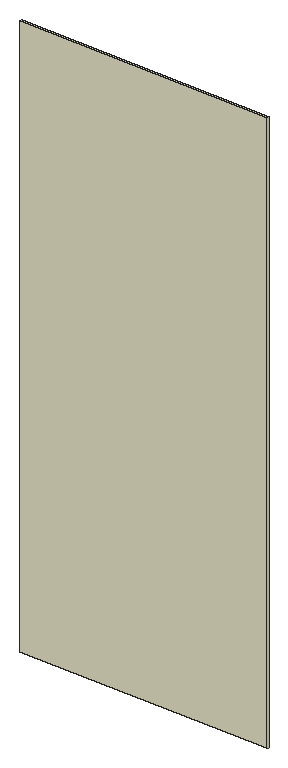
Revit family "CLAD (Smooth) Honeycomb", category Generic Models, Revit 2017 (continued)
Lines and regions (mm)
  model lines, style "easycraft expressions pattern"
    curve 728: line (129.302, -9.5, 0.004) -> (170.863, -9.5, 61.815)
    curve 729: line (170.862, -9.5, 61.814) -> (129.302, -9.5, 123.625)
    curve 730: line (129.302, -9.5, 123.625) -> (170.862, -9.5, 185.436)
    curve 731: line (170.862, -9.5, 185.436) -> (129.302, -9.5, 247.248)
    curve 732: line (129.302, -9.5, 247.248) -> (170.862, -9.5, 309.058)
    curve 733: line (170.862, -9.5, 309.058) -> (129.302, -9.5, 370.87)
    curve 734: line (129.302, -9.5, 370.87) -> (170.862, -9.5, 432.681)
    curve 735: line (170.862, -9.5, 432.681) -> (129.302, -9.5, 494.492)
    curve 736: line (129.302, -9.5, 494.492) -> (170.862, -9.5, 556.303)
    curve 737: line (170.862, -9.5, 556.303) -> (129.302, -9.5, 618.114)
    curve 738: line (129.302, -9.5, 618.114) -> (170.863, -9.5, 679.926)
    curve 739: line (170.862, -9.5, 679.925) -> (129.302, -9.5, 741.736)
    curve 740: line (129.302, -9.5, 741.736) -> (170.862, -9.5, 803.547)
    curve 741: line (170.862, -9.5, 803.547) -> (129.302, -9.5, 865.359)
    curve 742: line (129.302, -9.5, 865.359) -> (170.862, -9.5, 927.169)
    curve 743: line (170.861, -9.5, 927.171) -> (129.302, -9.5, 988.981)
    curve 744: line (129.302, -9.5, 988.981) -> (170.863, -9.5, 1050.793)
    curve 745: line (170.862, -9.5, 1050.792) -> (129.302, -9.5, 1112.603)
    curve 746: line (129.302, -9.5, 1112.603) -> (170.862, -9.5, 1174.414)
    curve 747: line (170.861, -9.5, 1174.415) -> (129.302, -9.5, 1236.225)
    curve 748: line (129.302, -9.5, 1236.225) -> (170.862, -9.5, 1298.036)
    curve 749: line (170.862, -9.5, 1298.036) -> (129.302, -9.5, 1359.847)
    curve 750: line (129.302, -9.5, 1359.847) -> (170.862, -9.5, 1421.658)
    curve 751: line (170.862, -9.5, 1421.658) -> (129.302, -9.5, 1483.47)
    curve 752: line (129.302, -9.5, 1483.47) -> (170.862, -9.5, 1545.28)
    curve 753: line (170.861, -9.5, 1545.282) -> (129.302, -9.5, 1607.092)
    curve 754: line (129.302, -9.5, 1607.092) -> (170.862, -9.5, 1668.903)
    curve 755: line (170.861, -9.5, 1668.904) -> (129.302, -9.5, 1730.714)
    curve 756: line (129.302, -9.5, 1730.714) -> (170.863, -9.5, 1792.526)
    curve 757: line (170.862, -9.5, 1792.525) -> (129.302, -9.5, 1854.336)
    curve 758: line (129.302, -9.5, 1854.336) -> (170.862, -9.5, 1916.146)
    curve 759: line (170.86, -9.5, 1916.148) -> (129.302, -9.5, 1977.958)
    curve 760: line (129.302, -9.5, 1977.958) -> (170.863, -9.5, 2039.77)
    curve 761: line (170.862, -9.5, 2039.768) -> (129.302, -9.5, 2101.58)
    curve 762: line (129.302, -9.5, 2101.58) -> (170.862, -9.5, 2163.391)
    curve 763: line (170.862, -9.5, 2163.391) -> (129.302, -9.5, 2225.202)
    curve 764: line (129.302, -9.5, 2225.202) -> (170.862, -9.5, 2287.013)
    curve 765: line (170.861, -9.5, 2287.014) -> (129.302, -9.5, 2348.824)
    curve 766: line (129.302, -9.5, 2348.824) -> (170.862, -9.5, 2410.646)
    curve 767: line (170.862, -9.5, 2410.646) -> (229.294, -9.5, 2410.646)
    curve 768: line (129.302, -9.5, 2348.824) -> (70.868, -9.5, 2348.826)
    curve 769: line (129.301, -9.5, 2225.203) -> (70.868, -9.5, 2225.204)
    curve 770: line (129.301, -9.5, 2101.581) -> (70.868, -9.5, 2101.582)
    curve 771: line (129.301, -9.5, 1977.958) -> (70.868, -9.5, 1977.96)
    curve 772: line (129.302, -9.5, 1854.336) -> (70.868, -9.5, 1854.337)
    curve 773: line (129.302, -9.5, 1730.714) -> (70.868, -9.5, 1730.715)
    curve 774: line (129.302, -9.5, 1607.092) -> (70.868, -9.5, 1607.093)
    curve 775: line (129.302, -9.5, 1483.47) -> (70.868, -9.5, 1483.471)
    curve 776: line (129.302, -9.5, 1359.847) -> (70.868, -9.5, 1359.849)
    curve 777: line (129.302, -9.5, 1236.225) -> (70.868, -9.5, 1236.226)
    curve 778: line (129.302, -9.5, 1112.603) -> (70.868, -9.5, 1112.604)
    curve 779: line (129.302, -9.5, 988.981) -> (70.868, -9.5, 988.982)
    curve 780: line (129.301, -9.5, 865.358) -> (70.869, -9.5, 865.359)
    curve 781: line (129.302, -9.5, 741.736) -> (70.868, -9.5, 741.738)
    curve 782: line (129.302, -9.5, 618.114) -> (70.868, -9.5, 618.115)
    curve 783: line (129.301, -9.5, 494.491) -> (70.869, -9.5, 494.493)
    curve 784: line (129.302, -9.5, 370.87) -> (70.868, -9.5, 370.871)
    curve 785: line (129.302, -9.5, 247.248) -> (70.868, -9.5, 247.249)
    curve 786: line (129.302, -9.5, 123.625) -> (70.868, -9.5, 123.627)
    curve 787: line (29.31, -9.5, 2657.88) -> (0.063, -9.5, 2657.881)
    curve 788: line (29.31, -9.5, 2534.258) -> (0.063, -9.5, 2534.259)
    curve 789: line (29.31, -9.5, 2410.636) -> (0.063, -9.5, 2410.636)
    curve 790: line (29.31, -9.5, 2287.014) -> (0.063, -9.5, 2287.014)
    curve 791: line (29.31, -9.5, 2163.392) -> (0.063, -9.5, 2163.393)
    curve 792: line (29.31, -9.5, 2039.77) -> (0.063, -9.5, 2039.77)
    curve 793: line (29.31, -9.5, 1916.148) -> (0.063, -9.5, 1916.148)
    curve 794: line (29.31, -9.5, 1792.525) -> (0.063, -9.5, 1792.526)
    curve 795: line (29.31, -9.5, 1668.903) -> (0.063, -9.5, 1668.904)
    curve 796: line (29.31, -9.5, 1545.281) -> (0.063, -9.5, 1545.282)
    curve 797: line (29.31, -9.5, 1421.659) -> (0.063, -9.5, 1421.659)
    curve 798: line (29.31, -9.5, 1298.037) -> (0.063, -9.5, 1298.037)
    curve 799: line (29.31, -9.5, 1174.414) -> (0.063, -9.5, 1174.415)
    curve 800: line (29.31, -9.5, 1050.792) -> (0.063, -9.5, 1050.793)
    curve 801: line (29.31, -9.5, 927.17) -> (0.063, -9.5, 927.171)
    curve 802: line (29.309, -9.5, 803.547) -> (0.063, -9.5, 803.548)
    curve 803: line (29.31, -9.5, 679.926) -> (0.063, -9.5, 679.926)
    curve 804: line (29.31, -9.5, 556.303) -> (0.063, -9.5, 556.304)
    curve 805: line (29.309, -9.5, 432.681) -> (0.063, -9.5, 432.681)
    curve 806: line (29.31, -9.5, 309.059) -> (0.063, -9.5, 309.06)
    curve 807: line (29.31, -9.5, 185.437) -> (0.063, -9.5, 185.437)
    curve 808: line (29.309, -9.5, 61.815) -> (0.063, -9.5, 61.815)
    curve 809: line (1129.224, -9.5, 2719.688) -> (1070.792, -9.5, 2719.689)
    curve 810: line (1070.792, -9.5, 2719.688) -> (1053.773, -9.5, 2745)
    curve 811: line (1146.243, -9.5, 2745) -> (1129.224, -9.5, 2719.688)
    curve 812: line (946.259, -9.5, 2745) -> (929.241, -9.5, 2719.688)
    curve 813: line (853.789, -9.5, 2745) -> (870.806, -9.5, 2719.69)
    curve 814: line (929.241, -9.5, 2719.688) -> (870.806, -9.5, 2719.69)
    curve 815: line (746.274, -9.5, 2745) -> (729.256, -9.5, 2719.689)
    curve 816: line (653.805, -9.5, 2745) -> (670.822, -9.5, 2719.69)
    curve 817: line (729.256, -9.5, 2719.689) -> (670.822, -9.5, 2719.69)
    curve 818: line (546.289, -9.5, 2745) -> (529.272, -9.5, 2719.69)
    curve 819: line (453.821, -9.5, 2745) -> (470.837, -9.5, 2719.691)
    curve 820: line (529.272, -9.5, 2719.69) -> (470.837, -9.5, 2719.691)
    curve 821: line (346.304, -9.5, 2745) -> (329.287, -9.5, 2719.69)
    curve 822: line (253.836, -9.5, 2745) -> (270.853, -9.5, 2719.692)
    curve 823: line (329.287, -9.5, 2719.69) -> (270.853, -9.5, 2719.692)
    curve 824: line (146.319, -9.5, 2745) -> (129.302, -9.5, 2719.691)
    curve 825: line (53.852, -9.5, 2745) -> (70.868, -9.5, 2719.692)
    curve 826: line (129.302, -9.5, 2719.691) -> (70.868, -9.5, 2719.692)
Dimensions and locks
  "Panel_thickness": plane 4 "Panel face" to plane 1 "Center (Front/Back)"
  "Panel_height": plane 5 "Panel_top" to plane 2
  "Panel_width": Extrusion 1 to Extrusion 1
  aligned and locked: level to plane 2
  aligned and locked: Extrusion 1 to level
  aligned and locked: plane 4 "Panel face" to Extrusion 1
  aligned and locked: Extrusion 1 to plane 5 "Panel_top"
Automatic sketch dimensions
  plane 1 "Center (Front/Back)" to Extrusion 1 sketch curve = 0 mm
  Extrusion 1 sketch curve to plane 3 "Center (Left/Right)" = 0 mm
  plane 4 "Panel face" to Extrusion 1 sketch curve = 0 mm
  Extrusion 1 sketch curve to Extrusion 1 sketch curve = 1200 mm
  curve 825 to plane 5 "Panel_top" = 0 mm
  curve 824 to plane 5 "Panel_top" = 0 mm
  curve 822 to plane 5 "Panel_top" = 0 mm
  curve 821 to plane 5 "Panel_top" = 0 mm
  curve 819 to plane 5 "Panel_top" = 0 mm
  curve 818 to plane 5 "Panel_top" = 0 mm
  curve 816 to plane 5 "Panel_top" = 0 mm
  curve 815 to plane 5 "Panel_top" = 0 mm
  curve 813 to plane 5 "Panel_top" = 0 mm
  curve 812 to plane 5 "Panel_top" = 0 mm
  curve 810 to plane 5 "Panel_top" = 0 mm
  curve 90 to level = 0 mm
  curve 811 to plane 5 "Panel_top" = 0 mm
  plane 3 "Center (Left/Right)" to curve 726 = 29.309 mm
  plane 3 "Center (Left/Right)" to curve 714 = 29.309 mm
  plane 3 "Center (Left/Right)" to curve 805 = 29.309 mm
  plane 3 "Center (Left/Right)" to curve 803 = 29.31 mm
  plane 3 "Center (Left/Right)" to curve 804 = 29.31 mm
  plane 3 "Center (Left/Right)" to curve 806 = 29.31 mm
  plane 3 "Center (Left/Right)" to curve 807 = 29.31 mm
  plane 3 "Center (Left/Right)" to curve 801 = 29.31 mm
  plane 3 "Center (Left/Right)" to curve 800 = 29.31 mm
  plane 3 "Center (Left/Right)" to curve 799 = 29.31 mm
  plane 3 "Center (Left/Right)" to curve 691 = 29.31 mm
  plane 3 "Center (Left/Right)" to curve 798 = 29.31 mm
  plane 3 "Center (Left/Right)" to curve 797 = 29.31 mm
  plane 3 "Center (Left/Right)" to curve 796 = 29.31 mm
  plane 3 "Center (Left/Right)" to curve 689 = 29.31 mm
  plane 3 "Center (Left/Right)" to curve 795 = 29.31 mm
  plane 3 "Center (Left/Right)" to curve 794 = 29.31 mm
  plane 3 "Center (Left/Right)" to curve 793 = 29.31 mm
  plane 3 "Center (Left/Right)" to curve 685 = 29.31 mm
  plane 3 "Center (Left/Right)" to curve 683 = 29.31 mm
  plane 3 "Center (Left/Right)" to curve 694 = 29.31 mm
  plane 3 "Center (Left/Right)" to curve 791 = 29.31 mm
  plane 3 "Center (Left/Right)" to curve 693 = 70.868 mm
  plane 3 "Center (Left/Right)" to curve 695 = 70.868 mm
  plane 3 "Center (Left/Right)" to curve 691 = 70.868 mm
  plane 3 "Center (Left/Right)" to curve 779 = 70.868 mm
  plane 3 "Center (Left/Right)" to curve 699 = 70.868 mm
  plane 3 "Center (Left/Right)" to curve 705 = 70.868 mm
  plane 3 "Center (Left/Right)" to curve 768 = 70.868 mm
  plane 3 "Center (Left/Right)" to curve 703 = 70.868 mm
  plane 3 "Center (Left/Right)" to curve 781 = 70.868 mm
  plane 3 "Center (Left/Right)" to curve 707 = 70.868 mm
  plane 3 "Center (Left/Right)" to curve 782 = 70.868 mm
  plane 3 "Center (Left/Right)" to curve 772 = 70.868 mm
  plane 3 "Center (Left/Right)" to curve 709 = 70.868 mm
  plane 3 "Center (Left/Right)" to curve 784 = 70.868 mm
  plane 5 "Panel_top" to curve 825 = 25.308 mm
  plane 3 "Center (Left/Right)" to curve 825 = 70.868 mm
  plane 3 "Center (Left/Right)" to curve 786 = 70.868 mm
  plane 3 "Center (Left/Right)" to curve 683 = 70.868 mm
  plane 3 "Center (Left/Right)" to curve 774 = 70.868 mm
  plane 3 "Center (Left/Right)" to curve 685 = 70.868 mm
  plane 3 "Center (Left/Right)" to curve 723 = 70.868 mm
  plane 3 "Center (Left/Right)" to curve 713 = 70.869 mm
  plane 3 "Center (Left/Right)" to curve 719 = 70.869 mm
  curve 719 to curve 736 = 58.434 mm
  plane 5 "Panel_top" to curve 824 = 25.309 mm
  curve 825 to curve 824 = 58.434 mm
  curve 683 to curve 686 = 58.434 mm
  curve 721 to curve 734 = 58.434 mm
  curve 685 to curve 687 = 58.434 mm
  curve 705 to curve 776 = 58.434 mm
  curve 723 to curve 732 = 58.434 mm
  curve 703 to curve 775 = 58.434 mm
  curve 713 to curve 741 = 58.434 mm
  curve 725 to curve 730 = 58.434 mm
  curve 717 to curve 737 = 58.434 mm
  curve 701 to curve 753 = 58.434 mm
  curve 711 to curve 743 = 58.434 mm
  curve 699 to curve 773 = 58.434 mm
  curve 697 to curve 772 = 58.434 mm
  curve 709 to curve 745 = 58.434 mm
  curve 695 to curve 759 = 58.435 mm
  curve 715 to curve 740 = 58.434 mm
  curve 707 to curve 777 = 58.434 mm
  curve 693 to curve 761 = 58.435 mm
  curve 691 to curve 763 = 58.435 mm
  curve 689 to curve 768 = 58.434 mm
  curve 759 to curve 665 = 41.558 mm
  curve 747 to curve 747 = 41.559 mm
  curve 773 to curve 667 = 41.559 mm
  curve 765 to curve 662 = 41.559 mm
  curve 743 to curve 743 = 41.559 mm
  curve 753 to curve 753 = 41.559 mm
  curve 659 to curve 767 = 41.559 mm
  curve 761 to curve 763 = 41.559 mm
  curve 739 to curve 741 = 41.559 mm
  curve 729 to curve 730 = 41.559 mm
  curve 824 to curve 656 = 41.559 mm
  curve 749 to curve 751 = 41.559 mm
  curve 659 to curve 658 = 41.559 mm
  curve 731 to curve 732 = 41.559 mm
  curve 747 to curve 749 = 41.559 mm
  curve 735 to curve 736 = 41.559 mm
  curve 735 to curve 677 = 41.56 mm
  curve 757 to curve 666 = 41.56 mm
  curve 745 to curve 672 = 41.56 mm
  curve 739 to curve 738 = 41.56 mm
  curve 729 to curve 680 = 41.56 mm
  curve 761 to curve 760 = 41.561 mm
  level to curve 596 = 61.815 mm
  curve 680 to curve 596 = 58.431 mm
  curve 672 to curve 672 = 58.431 mm
  curve 671 to curve 671 = 58.433 mm
  curve 673 to curve 673 = 58.433 mm
  curve 748 to curve 670 = 58.432 mm
  curve 750 to curve 669 = 58.432 mm
  curve 675 to curve 675 = 58.431 mm
  curve 668 to curve 668 = 58.433 mm
  curve 736 to curve 676 = 58.432 mm
  curve 667 to curve 667 = 58.433 mm
  curve 666 to curve 666 = 58.431 mm
  curve 732 to curve 678 = 58.432 mm
  curve 665 to curve 665 = 58.434 mm
  curve 730 to curve 679 = 58.432 mm
  curve 662 to curve 559 = 58.433 mm
  plane 5 "Panel_top" to curve 551 = 87.121 mm
  curve 656 to curve 551 = 58.432 mm
  curve 658 to curve 661 = 58.432 mm
  curve 766 to curve 557 = 58.432 mm
  curve 677 to curve 590 = 58.432 mm
  curve 762 to curve 561 = 58.432 mm
  curve 664 to curve 563 = 58.431 mm
  curve 740 to curve 584 = 58.432 mm
  curve 559 to curve 560 = 41.558 mm
  curve 563 to curve 640 = 41.558 mm
  curve 561 to curve 562 = 41.558 mm
  curve 575 to curve 576 = 41.559 mm
  curve 569 to curve 570 = 41.559 mm
  curve 577 to curve 578 = 41.559 mm
  curve 571 to curve 644 = 41.559 mm
  curve 573 to curve 645 = 41.559 mm
  curve 579 to curve 580 = 41.559 mm
  curve 567 to curve 642 = 41.559 mm
  curve 565 to curve 566 = 41.559 mm
  curve 583 to curve 584 = 41.559 mm
  curve 589 to curve 653 = 41.559 mm
  curve 593 to curve 655 = 41.559 mm
  curve 551 to curve 555 = 41.559 mm
  plane 5 "Panel_top" to curve 822 = 25.308 mm
  curve 551 to curve 822 = 41.559 mm
  curve 581 to curve 649 = 41.559 mm
  curve 557 to curve 556 = 41.559 mm
  curve 559 to curve 558 = 41.559 mm
  curve 587 to curve 586 = 41.559 mm
  curve 589 to curve 588 = 41.559 mm
  curve 593 to curve 592 = 41.559 mm
  curve 562 to curve 630 = 58.434 mm
  curve 588 to curve 604 = 58.433 mm
  curve 592 to curve 601 = 58.433 mm
  curve 594 to curve 655 = 58.434 mm
  curve 556 to curve 556 = 58.433 mm
  curve 552 to curve 555 = 58.434 mm
  curve 568 to curve 642 = 58.434 mm
  curve 586 to curve 606 = 58.433 mm
  curve 578 to curve 647 = 58.434 mm
  curve 590 to curve 602 = 58.434 mm
  curve 584 to curve 608 = 58.434 mm
  plane 5 "Panel_top" to curve 821 = 25.31 mm
  curve 822 to curve 821 = 58.434 mm
  curve 566 to curve 626 = 58.434 mm
  curve 582 to curve 610 = 58.434 mm
  curve 580 to curve 612 = 58.434 mm
  curve 564 to curve 628 = 58.435 mm
  curve 570 to curve 643 = 58.434 mm
  curve 572 to curve 644 = 58.434 mm
  curve 574 to curve 645 = 58.434 mm
  curve 576 to curve 616 = 58.434 mm
  curve 560 to curve 632 = 58.435 mm
  curve 558 to curve 634 = 58.433 mm
  curve 632 to curve 532 = 41.558 mm
  curve 618 to curve 539 = 41.559 mm
  curve 624 to curve 536 = 41.559 mm
  curve 602 to curve 547 = 41.559 mm
  curve 528 to curve 636 = 41.559 mm
  curve 632 to curve 634 = 41.559 mm
  curve 628 to curve 630 = 41.559 mm
  plane 5 "Panel_top" to curve 526 = 87.12 mm
  curve 821 to curve 526 = 41.559 mm
  curve 620 to curve 622 = 41.559 mm
  curve 528 to curve 527 = 41.559 mm
  curve 602 to curve 603 = 41.559 mm
  curve 604 to curve 605 = 41.559 mm
  curve 606 to curve 607 = 41.559 mm
  curve 608 to curve 609 = 41.559 mm
  curve 610 to curve 611 = 41.559 mm
  curve 612 to curve 613 = 41.559 mm
  curve 614 to curve 616 = 41.559 mm
  curve 598 to curve 549 = 41.56 mm
  curve 626 to curve 625 = 41.56 mm
  curve 600 to curve 599 = 41.56 mm
  curve 620 to curve 619 = 41.56 mm
  curve 628 to curve 534 = 41.561 mm
  level to curve 477 = 61.814 mm
  curve 549 to curve 477 = 58.431 mm
  curve 548 to curve 548 = 58.431 mm
  curve 621 to curve 537 = 58.432 mm
  curve 536 to curve 536 = 58.433 mm
  curve 615 to curve 540 = 58.432 mm
  curve 535 to curve 535 = 58.431 mm
  curve 547 to curve 547 = 58.433 mm
  curve 534 to curve 534 = 58.431 mm
  curve 538 to curve 538 = 58.431 mm
  curve 633 to curve 531 = 58.432 mm
  curve 527 to curve 530 = 58.432 mm
  curve 539 to curve 454 = 58.433 mm
  curve 613 to curve 541 = 58.432 mm
  curve 611 to curve 542 = 58.432 mm
  curve 605 to curve 545 = 58.432 mm
  curve 607 to curve 544 = 58.432 mm
  curve 635 to curve 636 = 58.432 mm
  curve 525 to curve 525 = 58.432 mm
  curve 603 to curve 471 = 58.432 mm
  curve 629 to curve 434 = 58.432 mm
  curve 532 to curve 432 = 58.434 mm
  curve 609 to curve 465 = 58.432 mm
  curve 426 to curve 427 = 41.559 mm
  curve 470 to curve 471 = 41.559 mm
  curve 439 to curve 440 = 41.559 mm
  curve 422 to curve 425 = 41.559 mm
  curve 420 to curve 424 = 41.559 mm
  curve 472 to curve 473 = 41.559 mm
  plane 5 "Panel_top" to curve 819 = 25.309 mm
  curve 420 to curve 819 = 41.559 mm
  level to curve 475 = 123.625 mm
  curve 474 to curve 475 = 41.559 mm
  curve 455 to curve 460 = 41.559 mm
  curve 468 to curve 469 = 41.559 mm
  curve 443 to curve 453 = 41.559 mm
  curve 455 to curve 454 = 41.559 mm
  curve 457 to curve 461 = 41.559 mm
  curve 464 to curve 463 = 41.559 mm
  curve 431 to curve 430 = 41.559 mm
  curve 466 to curve 465 = 41.559 mm
  curve 433 to curve 432 = 41.559 mm
  curve 468 to curve 467 = 41.559 mm
  curve 435 to curve 434 = 41.559 mm
  curve 535 to curve 436 = 41.559 mm
  curve 439 to curve 438 = 41.559 mm
  curve 443 to curve 442 = 41.559 mm
  curve 432 to curve 446 = 58.433 mm
  curve 423 to curve 397 = 58.434 mm
  plane 5 "Panel_top" to curve 820 = 25.31 mm
  curve 819 to curve 820 = 58.434 mm
  curve 475 to curve 524 = 58.434 mm
  curve 473 to curve 523 = 58.434 mm
  curve 471 to curve 522 = 58.434 mm
  plane 5 "Panel_top" to curve 396 = 148.933 mm
  curve 421 to curve 396 = 58.434 mm
  curve 467 to curve 520 = 58.433 mm
  curve 465 to curve 519 = 58.433 mm
  curve 452 to curve 499 = 58.433 mm
  curve 427 to curve 516 = 58.434 mm
  curve 436 to curve 448 = 58.433 mm
  curve 454 to curve 498 = 58.433 mm
  curve 438 to curve 449 = 58.433 mm
  curve 440 to curve 450 = 58.434 mm
  curve 442 to curve 451 = 58.433 mm
  curve 456 to curve 496 = 58.434 mm
  curve 434 to curve 510 = 58.433 mm
  curve 469 to curve 485 = 58.434 mm
  curve 461 to curve 494 = 58.433 mm
  curve 463 to curve 492 = 58.433 mm
  curve 430 to curve 514 = 58.434 mm
  curve 445 to curve 513 = 41.558 mm
  curve 509 to curve 403 = 41.558 mm
  curve 452 to curve 499 = 41.559 mm
  curve 449 to curve 505 = 41.559 mm
  curve 428 to curve 400 = 41.559 mm
  curve 461 to curve 494 = 41.559 mm
  curve 509 to curve 510 = 41.559 mm
  curve 460 to curve 496 = 41.559 mm
  curve 491 to curve 493 = 41.559 mm
  curve 397 to curve 516 = 41.559 mm
  curve 818 to curve 394 = 41.559 mm
  curve 481 to curve 483 = 41.559 mm
  plane 5 "Panel_top" to curve 396 = 210.744 mm
  curve 397 to curve 396 = 41.559 mm
  curve 487 to curve 488 = 41.559 mm
  curve 451 to curve 502 = 41.559 mm
  curve 489 to curve 490 = 41.559 mm
  curve 485 to curve 415 = 41.56 mm
  level to curve 478 = 61.814 mm
  curve 479 to curve 478 = 41.56 mm
  curve 448 to curve 506 = 41.56 mm
  curve 487 to curve 486 = 41.56 mm
  level to curve 480 = 185.436 mm
  curve 481 to curve 480 = 41.56 mm
  curve 451 to curve 500 = 41.56 mm
  curve 418 to curve 418 = 58.431 mm
  curve 488 to curve 413 = 58.432 mm
  curve 482 to curve 416 = 58.432 mm
  curve 417 to curve 417 = 58.431 mm
  curve 404 to curve 404 = 58.431 mm
  curve 400 to curve 400 = 58.433 mm
  curve 396 to curve 399 = 58.432 mm
  curve 394 to curve 394 = 58.432 mm
  curve 492 to curve 411 = 58.432 mm
  curve 403 to curve 403 = 58.434 mm
  curve 516 to curve 329 = 58.432 mm
  curve 401 to curve 333 = 58.434 mm
  curve 510 to curve 335 = 58.432 mm
  curve 405 to curve 405 = 58.433 mm
  curve 494 to curve 410 = 58.432 mm
  curve 502 to curve 406 = 58.432 mm
  curve 414 to curve 414 = 58.431 mm
  curve 496 to curve 409 = 58.432 mm
  curve 415 to curve 362 = 58.432 mm
  curve 407 to curve 345 = 58.431 mm
  curve 490 to curve 356 = 58.432 mm
  curve 408 to curve 408 = 58.433 mm
  curve 333 to curve 377 = 41.558 mm
  curve 335 to curve 378 = 41.558 mm
  plane 5 "Panel_top" to curve 324 = 148.932 mm
  curve 323 to curve 324 = 41.559 mm
  curve 349 to curve 350 = 41.559 mm
  curve 347 to curve 348 = 41.559 mm
  curve 345 to curve 346 = 41.559 mm
  plane 5 "Panel_top" to curve 326 = 272.554 mm
  curve 325 to curve 326 = 41.559 mm
  curve 355 to curve 388 = 41.559 mm
  curve 361 to curve 391 = 41.559 mm
  curve 339 to curve 340 = 41.559 mm
  curve 329 to curve 375 = 41.559 mm
  plane 5 "Panel_top" to curve 816 = 25.31 mm
  curve 323 to curve 816 = 41.559 mm
  curve 341 to curve 342 = 41.559 mm
  curve 333 to curve 333 = 41.559 mm
  curve 339 to curve 338 = 41.559 mm
  curve 345 to curve 344 = 41.559 mm
  level to curve 367 = 123.623 mm
  curve 367 to curve 367 = 41.56 mm
  level to curve 365 = 247.246 mm
  curve 365 to curve 365 = 41.559 mm
  curve 361 to curve 361 = 41.559 mm
  curve 359 to curve 359 = 41.559 mm
  curve 355 to curve 355 = 41.559 mm
  curve 353 to curve 353 = 41.559 mm
  curve 332 to curve 272 = 58.433 mm
  curve 334 to curve 275 = 58.435 mm
  curve 330 to curve 375 = 58.434 mm
  level to curve 373 = 247.246 mm
  curve 364 to curve 373 = 58.433 mm
  curve 336 to curve 279 = 58.435 mm
  curve 338 to curve 379 = 58.433 mm
  curve 340 to curve 380 = 58.434 mm
  curve 342 to curve 381 = 58.434 mm
  plane 5 "Panel_top" to curve 815 = 25.311 mm
  curve 816 to curve 815 = 58.434 mm
  curve 346 to curve 383 = 58.434 mm
  curve 348 to curve 384 = 58.434 mm
  curve 350 to curve 385 = 58.434 mm
  curve 352 to curve 386 = 58.433 mm
  level to curve 371 = 123.623 mm
  curve 366 to curve 371 = 58.433 mm
  curve 326 to curve 328 = 58.434 mm
  curve 356 to curve 388 = 58.434 mm
  curve 324 to curve 327 = 58.434 mm
  curve 358 to curve 389 = 58.433 mm
  curve 362 to curve 391 = 58.434 mm
  curve 344 to curve 382 = 58.433 mm
  curve 360 to curve 315 = 58.433 mm
  curve 354 to curve 300 = 58.433 mm
  curve 288 to curve 289 = 41.559 mm
  curve 312 to curve 313 = 41.559 mm
  curve 290 to curve 291 = 41.559 mm
  curve 300 to curve 310 = 41.559 mm
  curve 300 to curve 299 = 41.559 mm
  curve 298 to curve 298 = 41.559 mm
  plane 5 "Panel_top" to curve 266 = 210.745 mm
  curve 266 to curve 266 = 41.559 mm
  curve 296 to curve 296 = 41.559 mm
  curve 294 to curve 293 = 41.559 mm
  curve 302 to curve 311 = 41.559 mm
  curve 316 to curve 315 = 41.559 mm
  curve 283 to curve 288 = 41.559 mm
  plane 5 "Panel_top" to curve 270 = 334.365 mm
  curve 266 to curve 270 = 41.559 mm
  plane 5 "Panel_top" to curve 264 = 87.121 mm
  curve 815 to curve 264 = 41.559 mm
  curve 283 to curve 283 = 41.559 mm
  curve 281 to curve 281 = 41.559 mm
  curve 274 to curve 279 = 41.559 mm
  curve 272 to curve 271 = 41.559 mm
  level to curve 373 = 309.058 mm
  curve 316 to curve 373 = 41.559 mm
  curve 274 to curve 274 = 41.559 mm
  level to curve 371 = 185.436 mm
  curve 372 to curve 371 = 41.56 mm
  curve 370 to curve 321 = 41.56 mm
  level to curve 202 = 61.813 mm
  curve 321 to curve 202 = 58.431 mm
  curve 289 to curve 304 = 58.433 mm
  curve 269 to curve 269 = 58.432 mm
  curve 291 to curve 305 = 58.433 mm
  curve 265 to curve 268 = 58.432 mm
  curve 293 to curve 306 = 58.432 mm
  curve 295 to curve 307 = 58.432 mm
  curve 287 to curve 287 = 58.432 mm
  curve 299 to curve 309 = 58.432 mm
  curve 280 to curve 285 = 58.432 mm
  curve 311 to curve 311 = 58.432 mm
  curve 313 to curve 318 = 58.433 mm
  curve 320 to curve 320 = 58.431 mm
  curve 263 to curve 263 = 58.432 mm
  curve 297 to curve 308 = 58.432 mm
  curve 282 to curve 286 = 58.432 mm
  curve 271 to curve 276 = 58.432 mm
  curve 373 to curve 374 = 58.432 mm
  curve 315 to curve 197 = 58.432 mm
  curve 278 to curve 171 = 58.432 mm
  curve 301 to curve 191 = 58.433 mm
  curve 273 to curve 277 = 58.433 mm
  curve 190 to curve 191 = 41.559 mm
  curve 172 to curve 248 = 41.559 mm
  plane 5 "Panel_top" to curve 159 = 148.932 mm
  curve 158 to curve 159 = 41.559 mm
  curve 178 to curve 251 = 41.559 mm
  level to curve 197 = 370.869 mm
  curve 196 to curve 197 = 41.559 mm
  curve 184 to curve 185 = 41.559 mm
  plane 5 "Panel_top" to curve 813 = 25.31 mm
  curve 158 to curve 813 = 41.559 mm
  curve 178 to curve 178 = 41.559 mm
  curve 176 to curve 176 = 41.559 mm
  curve 172 to curve 172 = 41.559 mm
  curve 182 to curve 181 = 41.559 mm
  curve 170 to curve 170 = 41.559 mm
  curve 184 to curve 183 = 41.559 mm
  curve 168 to curve 168 = 41.559 mm
  plane 5 "Panel_top" to curve 166 = 396.178 mm
  curve 166 to curve 166 = 41.559 mm
  plane 5 "Panel_top" to curve 164 = 272.555 mm
  curve 160 to curve 164 = 41.559 mm
  curve 188 to curve 187 = 41.559 mm
  curve 190 to curve 189 = 41.559 mm
  curve 194 to curve 193 = 41.559 mm
  curve 196 to curve 195 = 41.559 mm
  level to curve 199 = 247.245 mm
  curve 200 to curve 199 = 41.559 mm
  level to curve 201 = 123.623 mm
  curve 202 to curve 201 = 41.56 mm
  plane 5 "Panel_top" to curve 814 = 25.312 mm
  curve 813 to curve 814 = 58.434 mm
  level to curve 207 = 247.245 mm
  curve 199 to curve 207 = 58.433 mm
  curve 191 to curve 257 = 58.434 mm
  curve 193 to curve 258 = 58.433 mm
  level to curve 209 = 370.867 mm
  curve 197 to curve 209 = 58.434 mm
  curve 187 to curve 255 = 58.433 mm
  curve 195 to curve 211 = 58.433 mm
  curve 201 to curve 262 = 58.433 mm
  plane 5 "Panel_top" to curve 133 = 148.934 mm
  curve 159 to curve 133 = 58.434 mm
  plane 5 "Panel_top" to curve 135 = 272.556 mm
  curve 163 to curve 135 = 58.433 mm
  curve 183 to curve 253 = 58.433 mm
  curve 181 to curve 252 = 58.433 mm
  curve 179 to curve 251 = 58.434 mm
  curve 177 to curve 250 = 58.433 mm
  curve 185 to curve 221 = 58.434 mm
  curve 175 to curve 249 = 58.433 mm
  curve 173 to curve 248 = 58.434 mm
  curve 165 to curve 244 = 58.433 mm
  curve 167 to curve 240 = 58.433 mm
  curve 169 to curve 238 = 58.433 mm
  curve 171 to curve 235 = 58.433 mm
  curve 189 to curve 256 = 58.434 mm
  curve 133 to curve 137 = 41.559 mm
  curve 223 to curve 147 = 41.559 mm
  curve 209 to curve 154 = 41.559 mm
  curve 231 to curve 231 = 41.559 mm
  curve 217 to curve 150 = 41.559 mm
  curve 135 to curve 243 = 41.559 mm
  curve 227 to curve 229 = 41.559 mm
  curve 225 to curve 227 = 41.559 mm
  curve 223 to curve 225 = 41.559 mm
  curve 217 to curve 219 = 41.559 mm
  plane 5 "Panel_top" to curve 241 = 457.99 mm
  curve 239 to curve 241 = 41.559 mm
  curve 231 to curve 232 = 41.559 mm
  level to curve 204 = 61.811 mm
  curve 205 to curve 204 = 41.559 mm
  curve 235 to curve 236 = 41.559 mm
  level to curve 206 = 185.434 mm
  curve 205 to curve 206 = 41.559 mm
  curve 237 to curve 239 = 41.559 mm
  curve 211 to curve 212 = 41.559 mm
  curve 814 to curve 132 = 41.559 mm
  level to curve 210 = 432.679 mm
  curve 211 to curve 210 = 41.56 mm
  curve 215 to curve 151 = 41.56 mm
  curve 221 to curve 220 = 41.56 mm
  curve 235 to curve 234 = 41.561 mm
  level to curve 91 = 61.812 mm
  curve 204 to curve 91 = 58.432 mm
  curve 134 to curve 137 = 58.433 mm
  curve 240 to curve 138 = 58.432 mm
  curve 141 to curve 141 = 58.431 mm
  curve 232 to curve 142 = 58.432 mm
  curve 228 to curve 144 = 58.432 mm
  curve 132 to curve 132 = 58.432 mm
  curve 226 to curve 145 = 58.432 mm
  curve 224 to curve 146 = 58.432 mm
  curve 147 to curve 147 = 58.433 mm
  plane 5 "Panel_top" to curve 130 = 334.367 mm
  curve 242 to curve 130 = 58.432 mm
  curve 148 to curve 148 = 58.431 mm
  curve 218 to curve 149 = 58.432 mm
  curve 151 to curve 151 = 58.431 mm
  curve 238 to curve 126 = 58.432 mm
  curve 212 to curve 152 = 58.432 mm
  curve 236 to curve 124 = 58.432 mm
  curve 154 to curve 154 = 58.433 mm
  curve 206 to curve 155 = 58.432 mm
  curve 143 to curve 118 = 58.433 mm
  level to curve 97 = 432.678 mm
  curve 153 to curve 97 = 58.432 mm
  curve 150 to curve 103 = 58.433 mm
  curve 101 to curve 34 = 41.559 mm
  curve 107 to curve 28 = 41.559 mm
  curve 95 to curve 40 = 41.559 mm
  level to curve 93 = 123.624 mm
  curve 93 to curve 93 = 41.559 mm
  level to curve 99 = 494.489 mm
  curve 97 to curve 99 = 41.559 mm
  curve 109 to curve 110 = 41.559 mm
  curve 119 to curve 121 = 41.559 mm
  curve 121 to curve 122 = 41.559 mm
  curve 113 to curve 114 = 41.559 mm
  curve 103 to curve 105 = 41.559 mm
  plane 5 "Panel_top" to curve 809 = 25.311 mm
  curve 45 to curve 809 = 41.559 mm
  curve 123 to curve 125 = 41.559 mm
  plane 5 "Panel_top" to curve 126 = 519.801 mm
  curve 125 to curve 126 = 41.559 mm
  plane 5 "Panel_top" to curve 128 = 396.179 mm
  curve 127 to curve 128 = 41.559 mm
  plane 5 "Panel_top" to curve 130 = 272.555 mm
  curve 43 to curve 130 = 41.559 mm
  curve 115 to curve 116 = 41.559 mm
  curve 117 to curve 119 = 41.559 mm
  plane 5 "Panel_top" to curve 44 = 148.934 mm
  curve 43 to curve 44 = 41.559 mm
  curve 103 to curve 102 = 41.56 mm
  level to curve 96 = 370.868 mm
  curve 97 to curve 96 = 41.56 mm
  curve 113 to curve 112 = 41.56 mm
  curve 109 to curve 26 = 41.56 mm
  curve 98 to curve 36 = 58.432 mm
  curve 104 to curve 30 = 58.432 mm
  curve 26 to curve 72 = 58.431 mm
  curve 114 to curve 67 = 58.432 mm
  plane 5 "Panel_top" to curve 809 = 25.312 mm
  curve 46 to curve 809 = 58.432 mm
  curve 116 to curve 65 = 58.432 mm
  curve 44 to curve 3 = 58.432 mm
  level to curve 89 = 123.622 mm
  curve 42 to curve 89 = 58.433 mm
  curve 118 to curve 63 = 58.432 mm
  curve 120 to curve 61 = 58.432 mm
  level to curve 87 = 247.244 mm
  curve 40 to curve 87 = 58.433 mm
  curve 122 to curve 59 = 58.432 mm
  level to curve 85 = 370.867 mm
  curve 38 to curve 85 = 58.431 mm
  plane 5 "Panel_top" to curve 55 = 519.801 mm
  curve 126 to curve 55 = 58.432 mm
  curve 22 to curve 22 = 58.431 mm
  plane 5 "Panel_top" to curve 53 = 396.179 mm
  curve 128 to curve 53 = 58.432 mm
  curve 110 to curve 24 = 58.432 mm
  plane 5 "Panel_top" to curve 51 = 272.557 mm
  curve 130 to curve 51 = 58.432 mm
  curve 28 to curve 28 = 58.433 mm
  curve 32 to curve 32 = 58.431 mm
  curve 34 to curve 34 = 58.433 mm
  curve 124 to curve 56 = 58.433 mm
  curve 10 to curve 57 = 41.559 mm
  plane 5 "Panel_top" to curve 7 = 581.611 mm
  curve 54 to curve 7 = 41.559 mm
  curve 32 to curve 79 = 41.559 mm
  level to curve 33 = 556.3 mm
  curve 34 to curve 33 = 41.559 mm
  curve 30 to curve 78 = 41.56 mm
  curve 28 to curve 76 = 41.559 mm
  plane 5 "Panel_top" to curve 47 = 87.123 mm
  curve 47 to curve 47 = 41.559 mm
  curve 24 to curve 71 = 41.559 mm
  plane 5 "Panel_top" to curve 49 = 210.745 mm
  curve 3 to curve 49 = 41.559 mm
  curve 26 to curve 25 = 41.559 mm
  plane 5 "Panel_top" to curve 51 = 334.367 mm
  curve 50 to curve 51 = 41.559 mm
  level to curve 83 = 432.678 mm
  curve 36 to curve 83 = 41.56 mm
  level to curve 39 = 185.434 mm
  curve 40 to curve 39 = 41.559 mm
  plane 5 "Panel_top" to curve 53 = 457.99 mm
  curve 6 to curve 53 = 41.559 mm
  curve 22 to curve 21 = 41.559 mm
  curve 20 to curve 19 = 41.559 mm
  level to curve 85 = 309.056 mm
  curve 38 to curve 85 = 41.559 mm
  curve 18 to curve 17 = 41.559 mm
  curve 58 to curve 59 = 41.559 mm
  curve 16 to curve 15 = 41.559 mm
  curve 14 to curve 13 = 41.559 mm
  level to curve 89 = 61.811 mm
  curve 42 to curve 89 = 41.56 mm
  curve 367 to curve 418 = 0.001 mm
  curve 202 to curve 321 = 0.001 mm
  level to curve 808 = 61.815 mm
  curve 476 to curve 597 = 0.001 mm
  curve 595 to curve 680 = 0.001 mm
  curve 205 to curve 201 = 0 mm
  curve 479 to curve 475 = 0.001 mm
  curve 549 to curve 598 = 61.81 mm
  curve 680 to curve 729 = 61.81 mm
  curve 598 to curve 655 = 0.001 mm
  curve 729 to curve 725 = 0.001 mm
  curve 93 to curve 206 = 0 mm
  curve 200 to curve 320 = 0.001 mm
  curve 366 to curve 417 = 0.001 mm
  curve 475 to curve 474 = 61.81 mm
  curve 594 to curve 593 = 61.81 mm
  curve 731 to curve 593 = 0 mm
  curve 725 to curve 807 = 61.81 mm
  curve 474 to curve 548 = 0.001 mm
  curve 40 to curve 40 = 0.001 mm
  curve 417 to curve 523 = 61.81 mm
  curve 548 to curve 600 = 61.81 mm
  curve 592 to curve 600 = 0 mm
  curve 730 to curve 785 = 61.811 mm
  curve 481 to curve 523 = 0.001 mm
  curve 731 to curve 723 = 0.001 mm
  curve 40 to curve 95 = 61.81 mm
  curve 374 to curve 373 = 0.001 mm
  curve 364 to curve 416 = 61.811 mm
  curve 482 to curve 363 = 0 mm
  curve 95 to curve 209 = 0.001 mm
  curve 473 to curve 473 = 61.81 mm
  curve 592 to curve 678 = 61.811 mm
  curve 732 to curve 591 = 0 mm
  curve 723 to curve 722 = 61.81 mm
  curve 472 to curve 602 = 0.001 mm
  curve 373 to curve 316 = 61.81 mm
  curve 482 to curve 484 = 61.811 mm
  curve 547 to curve 603 = 61.81 mm
  curve 316 to curve 391 = 0.001 mm
  curve 732 to curve 784 = 61.811 mm
  curve 483 to curve 471 = 0.001 mm
  curve 602 to curve 653 = 0.001 mm
  curve 733 to curve 721 = 0.001 mm
  curve 197 to curve 197 = 61.81 mm
  curve 315 to curve 196 = 0 mm
  curve 362 to curve 361 = 61.81 mm
  curve 602 to curve 603 = 61.811 mm
  curve 470 to curve 603 = 0 mm
  curve 361 to curve 415 = 0.001 mm
  curve 590 to curve 589 = 61.81 mm
  curve 721 to curve 805 = 61.809 mm
  curve 589 to curve 677 = 0.001 mm
  curve 36 to curve 98 = 0.001 mm
  curve 153 to curve 211 = 61.811 mm
  curve 196 to curve 211 = 0 mm
  curve 315 to curve 314 = 61.811 mm
  curve 360 to curve 314 = 0 mm
  curve 415 to curve 486 = 61.811 mm
  curve 603 to curve 604 = 61.811 mm
  curve 589 to curve 604 = 0 mm
  curve 485 to curve 521 = 0.001 mm
  curve 677 to curve 736 = 61.811 mm
  curve 735 to curve 719 = 0.001 mm
  curve 98 to curve 152 = 61.811 mm
  curve 213 to curve 99 = 0 mm
  curve 195 to curve 195 = 61.811 mm
  curve 360 to curve 360 = 61.811 mm
  curve 604 to curve 605 = 61.811 mm
  curve 468 to curve 605 = 0 mm
  curve 194 to curve 318 = 0.001 mm
  curve 735 to curve 736 = 61.811 mm
  curve 676 to curve 736 = 0 mm  (x2)
  curve 359 to curve 486 = 0.001 mm
  curve 719 to curve 804 = 61.811 mm
  curve 33 to curve 34 = 61.811 mm
  curve 194 to curve 193 = 61.811 mm
  curve 258 to curve 193 = 0 mm  (x2)
  curve 313 to curve 313 = 61.81 mm
  curve 358 to curve 312 = 0 mm
  curve 34 to curve 101 = 0.001 mm
  curve 468 to curve 468 = 61.811 mm
  curve 520 to curve 467 = 0 mm  (x2)
  curve 605 to curve 651 = 61.811 mm
  curve 586 to curve 606 = 0 mm
  curve 736 to curve 738 = 61.811 mm
  curve 737 to curve 717 = 0.001 mm
  curve 34 to curve 79 = 61.811 mm
  curve 34 to curve 102 = 61.81 mm
  curve 193 to curve 193 = 61.811 mm
  curve 358 to curve 358 = 61.811 mm
  curve 488 to curve 357 = 0 mm
  curve 101 to curve 151 = 0.001 mm
  curve 467 to curve 467 = 61.811 mm
  curve 607 to curve 466 = 0 mm
  curve 192 to curve 311 = 0.001 mm
  curve 586 to curve 675 = 61.811 mm
  curve 717 to curve 717 = 61.81 mm
  curve 585 to curve 675 = 0.001 mm
  curve 31 to curve 32 = 61.811 mm
  curve 151 to curve 257 = 61.81 mm
  curve 311 to curve 302 = 61.81 mm
  curve 32 to curve 102 = 0.001 mm
  curve 488 to curve 489 = 61.811 mm
  curve 466 to curve 489 = 0 mm
  curve 215 to curve 257 = 0.001 mm
  curve 607 to curve 609 = 61.811 mm
  curve 302 to curve 388 = 0.001 mm
  curve 675 to curve 739 = 61.81 mm
  curve 608 to curve 584 = 0.001 mm
  curve 739 to curve 715 = 0.001 mm
  curve 32 to curve 104 = 61.81 mm
  curve 32 to curve 77 = 61.811 mm
  curve 191 to curve 190 = 61.81 mm
  curve 103 to curve 150 = 0.001 mm
  curve 489 to curve 491 = 61.811 mm
  curve 355 to curve 490 = 0 mm
  curve 190 to curve 310 = 0.001 mm
  curve 465 to curve 465 = 61.811 mm
  curve 610 to curve 464 = 0 mm
  curve 739 to curve 740 = 61.811 mm
  curve 583 to curve 740 = 0 mm
  curve 715 to curve 714 = 61.809 mm
  curve 77 to curve 30 = 61.81 mm
  curve 30 to curve 105 = 0.001 mm
  curve 150 to curve 217 = 61.81 mm
  curve 217 to curve 190 = 0.001 mm
  curve 355 to curve 354 = 61.811 mm
  curve 300 to curve 354 = 0 mm
  curve 490 to curve 492 = 61.811 mm
  curve 464 to curve 491 = 0 mm
  curve 609 to curve 611 = 61.811 mm
  curve 740 to curve 742 = 61.811 mm
  curve 610 to curve 582 = 0.001 mm
  curve 741 to curve 780 = 0.001 mm
  curve 104 to curve 105 = 61.811 mm
  curve 30 to curve 27 = 61.812 mm
  curve 218 to curve 105 = 0 mm
  curve 189 to curve 189 = 61.811 mm
  curve 300 to curve 188 = 0 mm
  curve 354 to curve 411 = 61.811 mm
  curve 493 to curve 353 = 0 mm
  curve 610 to curve 612 = 61.811 mm
  curve 463 to curve 611 = 0 mm
  curve 582 to curve 582 = 61.811 mm
  curve 713 to curve 712 = 61.811 mm
  curve 581 to curve 743 = 0.001 mm
  curve 27 to curve 74 = 61.811 mm
  curve 218 to curve 220 = 61.811 mm
  curve 188 to curve 219 = 0 mm
  curve 299 to curve 298 = 61.811 mm
  curve 353 to curve 298 = 0 mm
  curve 28 to curve 107 = 0.001 mm
  curve 492 to curve 493 = 61.811 mm
  curve 611 to curve 648 = 61.811 mm
  curve 673 to curve 744 = 61.81 mm
  curve 461 to curve 461 = 0.001 mm
  curve 612 to curve 580 = 0.001 mm
  curve 743 to curve 779 = 0.001 mm
  curve 28 to curve 107 = 61.81 mm
  curve 28 to curve 73 = 61.811 mm
  curve 298 to curve 298 = 61.811 mm
  curve 308 to curve 297 = 0 mm  (x2)
  curve 352 to curve 351 = 61.811 mm
  curve 494 to curve 351 = 0 mm
  curve 107 to curve 148 = 0.001 mm
  curve 461 to curve 458 = 61.81 mm
  curve 613 to curve 457 = 0 mm
  curve 580 to curve 672 = 61.81 mm
  curve 711 to curve 710 = 61.81 mm
  curve 579 to curve 672 = 0.001 mm
  curve 25 to curve 26 = 61.811 mm
  curve 148 to curve 222 = 61.81 mm
  curve 297 to curve 385 = 61.811 mm
  curve 26 to curve 26 = 0.001 mm
  curve 494 to curve 460 = 61.811 mm
  curve 221 to curve 254 = 0.001 mm
  curve 613 to curve 614 = 61.811 mm
  curve 296 to curve 385 = 0.001 mm
  curve 672 to curve 745 = 61.81 mm
  curve 460 to curve 460 = 0.001 mm
  curve 614 to curve 578 = 0.001 mm
  curve 745 to curve 709 = 0.001 mm
  curve 26 to curve 72 = 61.811 mm
  curve 26 to curve 147 = 61.81 mm
  curve 296 to curve 295 = 61.811 mm
  curve 307 to curve 295 = 0 mm  (x2)
  curve 350 to curve 409 = 61.81 mm
  curve 497 to curve 349 = 0 mm
  curve 109 to curve 223 = 0.001 mm
  curve 614 to curve 616 = 61.811 mm
  curve 455 to curve 615 = 0 mm
  curve 578 to curve 578 = 61.81 mm
  curve 709 to curve 709 = 61.81 mm
  curve 577 to curve 747 = 0.001 mm
  curve 23 to curve 70 = 61.811 mm
  curve 110 to curve 24 = 0 mm
  curve 147 to curve 223 = 61.81 mm
  curve 184 to curve 223 = 0 mm
  curve 295 to curve 294 = 61.811 mm
  curve 496 to curve 459 = 61.811 mm
  curve 455 to curve 459 = 0 mm
  curve 615 to curve 646 = 61.811 mm
  curve 294 to curve 384 = 0.001 mm
  curve 671 to curve 747 = 61.81 mm
  curve 616 to curve 576 = 0.001 mm
  curve 747 to curve 707 = 0.001 mm
  curve 223 to curve 224 = 61.811 mm
  curve 111 to curve 224 = 0 mm
  curve 24 to curve 69 = 61.811 mm
  curve 294 to curve 293 = 61.811 mm
  curve 306 to curve 293 = 0 mm  (x2)
  curve 348 to curve 347 = 61.81 mm
  curve 454 to curve 539 = 61.811 mm
  curve 576 to curve 670 = 61.81 mm
  curve 748 to curve 575 = 0 mm
  curve 347 to curve 408 = 0.001 mm
  curve 707 to curve 798 = 61.81 mm
  curve 453 to curve 539 = 0.001 mm
  curve 21 to curve 68 = 61.811 mm
  curve 224 to curve 225 = 61.811 mm
  curve 181 to curve 225 = 0 mm
  curve 293 to curve 293 = 61.811 mm
  curve 22 to curve 112 = 0.001 mm
  curve 408 to curve 500 = 61.81 mm
  curve 539 to curve 645 = 61.81 mm
  curve 292 to curve 383 = 0.001 mm
  curve 748 to curve 750 = 61.811 mm
  curve 452 to curve 452 = 0.001 mm
  curve 618 to curve 574 = 0.001 mm
  curve 749 to curve 705 = 0.001 mm
  curve 22 to curve 114 = 61.81 mm
  curve 227 to curve 113 = 0 mm
  curve 22 to curve 68 = 61.811 mm
  curve 181 to curve 180 = 61.811 mm
  curve 346 to curve 345 = 61.81 mm
  curve 452 to curve 443 = 61.81 mm
  curve 180 to curve 291 = 0.001 mm
  curve 574 to curve 669 = 61.81 mm
  curve 751 to curve 573 = 0 mm
  curve 345 to curve 407 = 0.001 mm
  curve 705 to curve 705 = 61.81 mm
  curve 443 to curve 538 = 0.001 mm
  curve 113 to curve 114 = 61.811 mm
  curve 67 to curve 114 = 0 mm
  curve 226 to curve 227 = 61.811 mm
  curve 291 to curve 290 = 61.81 mm
  curve 345 to curve 290 = 0 mm
  curve 407 to curve 451 = 61.81 mm
  curve 443 to curve 451 = 0 mm
  curve 227 to curve 251 = 0.001 mm
  curve 538 to curve 644 = 61.81 mm
  curve 750 to curve 775 = 61.811 mm
  curve 620 to curve 572 = 0.001 mm
  curve 751 to curve 775 = 0.001 mm
  curve 114 to curve 144 = 61.811 mm
  curve 20 to curve 66 = 61.811 mm
  curve 229 to curve 115 = 0 mm
  curve 179 to curve 304 = 61.81 mm
  curve 344 to curve 344 = 61.811 mm
  curve 502 to curve 343 = 0 mm
  curve 442 to curve 537 = 61.811 mm
  curve 622 to curve 441 = 0 mm
  curve 178 to curve 289 = 0.001 mm
  curve 572 to curve 668 = 61.81 mm
  curve 703 to curve 703 = 61.81 mm
  curve 571 to curve 668 = 0.001 mm
  curve 115 to curve 116 = 61.811 mm
  curve 65 to curve 116 = 0 mm
  curve 228 to curve 250 = 61.811 mm
  curve 177 to curve 229 = 0 mm
  curve 289 to curve 288 = 61.81 mm
  curve 502 to curve 503 = 61.811 mm
  curve 621 to curve 623 = 61.811 mm
  curve 288 to curve 342 = 0.001 mm
  curve 668 to curve 754 = 61.81 mm
  curve 450 to curve 440 = 0.001 mm
  curve 622 to curve 643 = 0.001 mm
  curve 753 to curve 774 = 0.001 mm
  curve 116 to curve 118 = 61.811 mm
  curve 18 to curve 64 = 61.811 mm
  curve 177 to curve 287 = 61.811 mm
  curve 342 to curve 405 = 61.81 mm
  curve 117 to curve 143 = 0.001 mm
  curve 440 to curve 440 = 61.81 mm
  curve 176 to curve 287 = 0.001 mm
  curve 570 to curve 569 = 61.81 mm
  curve 341 to curve 505 = 0.001 mm
  curve 701 to curve 700 = 61.81 mm
  curve 439 to curve 624 = 0.001 mm
  curve 569 to curve 755 = 0.001 mm
  curve 117 to curve 118 = 61.811 mm
  curve 62 to curve 118 = 0 mm
  curve 176 to curve 176 = 61.811 mm
  curve 249 to curve 175 = 0 mm  (x2)
  curve 287 to curve 283 = 61.81 mm
  curve 439 to curve 439 = 61.811 mm
  curve 449 to curve 438 = 0 mm  (x2)
  curve 536 to curve 642 = 61.81 mm
  curve 283 to curve 340 = 0.001 mm
  curve 667 to curve 756 = 61.81 mm
  curve 624 to curve 642 = 0.001 mm
  curve 755 to curve 699 = 0.001 mm
  curve 16 to curve 61 = 61.811 mm
  curve 118 to curve 119 = 61.811 mm
  curve 232 to curve 119 = 0 mm
  curve 175 to curve 174 = 61.811 mm
  curve 283 to curve 174 = 0 mm
  curve 340 to curve 340 = 61.81 mm
  curve 438 to curve 535 = 61.811 mm
  curve 568 to curve 568 = 61.81 mm
  curve 339 to curve 404 = 0.001 mm
  curve 699 to curve 698 = 61.81 mm
  curve 437 to curve 625 = 0.001 mm
  curve 567 to curve 666 = 0.001 mm
  curve 13 to curve 61 = 61.811 mm
  curve 120 to curve 14 = 0 mm
  curve 232 to curve 248 = 61.811 mm
  curve 282 to curve 379 = 61.811 mm
  curve 338 to curve 281 = 0 mm
  curve 535 to curve 437 = 61.811 mm
  curve 507 to curve 436 = 0 mm
  curve 233 to curve 248 = 0.001 mm
  curve 535 to curve 641 = 61.81 mm
  curve 666 to curve 772 = 61.81 mm
  curve 626 to curve 641 = 0.001 mm
  curve 757 to curve 772 = 0.001 mm
  curve 120 to curve 122 = 61.811 mm
  curve 14 to curve 59 = 61.811 mm
  curve 281 to curve 281 = 61.81 mm
  curve 280 to curve 173 = 0.001 mm
  curve 338 to curve 338 = 61.811 mm
  curve 121 to curve 234 = 0.001 mm
  curve 436 to curve 436 = 61.811 mm
  curve 566 to curve 566 = 61.81 mm
  curve 337 to curve 403 = 0.001 mm
  curve 697 to curve 697 = 61.81 mm
  curve 435 to curve 627 = 0.001 mm
  curve 565 to curve 759 = 0.001 mm
  curve 121 to curve 122 = 61.81 mm
  curve 59 to curve 122 = 0 mm
  curve 141 to curve 236 = 61.809 mm
  curve 172 to curve 235 = 0 mm
  curve 280 to curve 279 = 61.811 mm
  curve 403 to curve 510 = 61.809 mm
  curve 435 to curve 509 = 0 mm
  curve 534 to curve 628 = 61.809 mm
  curve 665 to curve 759 = 61.809 mm
  curve 279 to curve 336 = 0.002 mm
  curve 628 to curve 640 = 0.002 mm
  curve 759 to curve 695 = 0.002 mm
  curve 235 to curve 236 = 61.811 mm
  curve 123 to curve 236 = 0 mm
  curve 58 to curve 9 = 61.812 mm
  curve 171 to curve 171 = 61.811 mm
  curve 509 to curve 510 = 61.811 mm
  curve 335 to curve 510 = 0 mm
  curve 628 to curve 629 = 61.811 mm
  curve 433 to curve 629 = 0 mm
  curve 564 to curve 564 = 61.809 mm
  curve 170 to curve 279 = 0.002 mm
  curve 695 to curve 694 = 61.81 mm
  curve 563 to curve 664 = 0.002 mm
  curve 123 to curve 124 = 61.811 mm
  curve 124 to curve 10 = 0.001 mm
  curve 236 to curve 237 = 61.811 mm
  curve 169 to curve 237 = 0 mm
  curve 278 to curve 275 = 61.809 mm
  curve 433 to curve 433 = 61.811 mm
  curve 432 to curve 446 = 0.001 mm
  curve 629 to curve 639 = 61.812 mm
  curve 664 to curve 761 = 61.809 mm
  curve 274 to curve 377 = 0.002 mm
  curve 630 to curve 562 = 0.001 mm
  curve 761 to curve 693 = 0.002 mm
  curve 126 to curve 126 = 61.811 mm
  curve 238 to curve 125 = 0 mm
  curve 274 to curve 274 = 61.811 mm
  curve 273 to curve 168 = 0.001 mm
  curve 334 to curve 333 = 61.809 mm
  curve 432 to curve 431 = 61.811 mm
  curve 562 to curve 562 = 61.809 mm
  curve 763 to curve 561 = 0 mm
  curve 333 to curve 401 = 0.002 mm
  curve 693 to curve 791 = 61.81 mm
  curve 431 to curve 632 = 0.002 mm
  curve 168 to curve 168 = 61.81 mm
  curve 239 to curve 167 = 0 mm
  curve 273 to curve 273 = 61.811 mm
  curve 332 to curve 272 = 0 mm
  curve 431 to curve 431 = 61.811 mm
  curve 430 to curve 514 = 0.001 mm
  curve 532 to curve 633 = 61.809 mm
  curve 762 to curve 763 = 61.811 mm
  curve 632 to curve 560 = 0.002 mm
  curve 763 to curve 769 = 0.002 mm
  curve 127 to curve 240 = 0 mm
  curve 166 to curve 165 = 61.811 mm
  curve 272 to curve 166 = 0 mm
  curve 332 to curve 400 = 61.811 mm
  curve 430 to curve 531 = 61.811 mm
  curve 633 to curve 429 = 0 mm
  curve 560 to curve 560 = 61.809 mm
  curve 331 to curve 400 = 0.001 mm
  curve 691 to curve 691 = 61.809 mm
  curve 559 to curve 662 = 0.001 mm
  curve 241 to curve 165 = 0 mm
  curve 271 to curve 270 = 61.811 mm
  curve 400 to curve 515 = 61.81 mm
  curve 633 to curve 637 = 61.811 mm
  curve 559 to curve 634 = 0 mm
  curve 270 to curve 330 = 0.001 mm
  curve 662 to curve 765 = 61.81 mm
  curve 428 to curve 428 = 0.001 mm
  curve 765 to curve 768 = 0.001 mm
  curve 164 to curve 269 = 0.001 mm
  curve 330 to curve 329 = 61.81 mm
  curve 129 to curve 242 = 0.001 mm
  curve 427 to curve 636 = 61.81 mm
  curve 329 to curve 516 = 0.001 mm
  curve 689 to curve 688 = 61.81 mm
  curve 426 to curve 635 = 0.001 mm
  curve 765 to curve 767 = 61.822 mm
  curve 266 to curve 326 = 0.001 mm
  curve 516 to curve 397 = 61.81 mm
  curve 635 to curve 529 = 61.81 mm
  curve 766 to curve 687 = 61.8 mm
  curve 397 to curve 425 = 0.001 mm
  curve 528 to curve 556 = 0.001 mm
  curve 659 to curve 685 = 0.001 mm
  curve 130 to curve 44 = 61.81 mm
  curve 160 to curve 265 = 0 mm
  curve 325 to curve 396 = 0 mm
  curve 43 to curve 134 = 0.001 mm
  curve 528 to curve 528 = 61.811 mm
  curve 423 to curve 527 = 0 mm
  curve 556 to curve 661 = 61.81 mm
  curve 659 to curve 553 = 0 mm
  curve 685 to curve 684 = 61.81 mm
  curve 49 to curve 44 = 0 mm
  curve 264 to curve 324 = 0.001 mm
  curve 527 to curve 526 = 61.811 mm
  curve 658 to curve 686 = 61.811 mm
  curve 395 to curve 424 = 0.001 mm
  curve 526 to curve 552 = 0.001 mm
  curve 657 to curve 683 = 0.001 mm
  curve 44 to curve 45 = 61.811 mm
  curve 263 to curve 263 = 0.001 mm
  curve 324 to curve 323 = 61.81 mm
  curve 45 to curve 133 = 0.001 mm
  curve 421 to curve 525 = 0.001 mm
  curve 323 to curve 394 = 0.001 mm
  curve 683 to curve 787 = 61.81 mm
  curve 551 to curve 657 = 0.001 mm
  plane 3 "Center (Left/Right)" to curve 801 = 0.063 mm
  plane 3 "Center (Left/Right)" to curve 807 = 0.063 mm
  plane 3 "Center (Left/Right)" to curve 806 = 0.063 mm
  plane 3 "Center (Left/Right)" to curve 808 = 0.063 mm
  plane 3 "Center (Left/Right)" to curve 800 = 0.063 mm
  plane 3 "Center (Left/Right)" to curve 799 = 0.063 mm
  plane 3 "Center (Left/Right)" to curve 798 = 0.063 mm
  plane 3 "Center (Left/Right)" to curve 803 = 0.063 mm
  plane 3 "Center (Left/Right)" to curve 796 = 0.063 mm
  plane 3 "Center (Left/Right)" to curve 795 = 0.063 mm
  plane 3 "Center (Left/Right)" to curve 794 = 0.063 mm
  plane 3 "Center (Left/Right)" to curve 793 = 0.063 mm
  plane 3 "Center (Left/Right)" to curve 792 = 0.063 mm
  plane 3 "Center (Left/Right)" to curve 791 = 0.063 mm
  plane 3 "Center (Left/Right)" to curve 790 = 0.063 mm
  plane 3 "Center (Left/Right)" to curve 789 = 0.063 mm
  plane 3 "Center (Left/Right)" to curve 788 = 0.063 mm
  plane 3 "Center (Left/Right)" to curve 787 = 0.063 mm
  plane 3 "Center (Left/Right)" to curve 805 = 0.063 mm
  plane 3 "Center (Left/Right)" to curve 804 = 0.063 mm
  plane 3 "Center (Left/Right)" to curve 802 = 0.063 mm
  plane 3 "Center (Left/Right)" to curve 797 = 0.063 mm
  curve 726 to curve 727 = 0 mm
  curve 720 to curve 721 = 0 mm
  curve 714 to curve 715 = 0 mm
  curve 693 to curve 692 = 0 mm
  curve 695 to curve 694 = 0 mm
  curve 825 to curve 826 = 17.016 mm
  level to curve 727 = 0.004 mm
  plane 3 "Center (Left/Right)" to curve 727 = 70.869 mm
  curve 709 to curve 710 = 0.001 mm
  curve 697 to curve 698 = 0.001 mm
  curve 711 to curve 712 = 0.001 mm
  curve 705 to curve 706 = 0.001 mm
  curve 703 to curve 704 = 0.001 mm
  curve 713 to curve 714 = 0.001 mm
  curve 715 to curve 716 = 0.001 mm
  curve 695 to curve 696 = 0.001 mm
  curve 717 to curve 718 = 0.001 mm
  curve 701 to curve 702 = 0.001 mm
  curve 719 to curve 720 = 0.001 mm
  curve 721 to curve 722 = 0.001 mm
  curve 707 to curve 708 = 0.001 mm
  curve 723 to curve 724 = 0.001 mm
  curve 693 to curve 694 = 0.001 mm
  curve 725 to curve 726 = 0.001 mm
  curve 699 to curve 700 = 0.001 mm
  curve 685 to curve 688 = 0.001 mm
  curve 691 to curve 692 = 0.001 mm
  curve 689 to curve 690 = 0.001 mm
  curve 683 to curve 684 = 0.001 mm
  plane 5 "Panel_top" to curve 682 = 25.308 mm
  curve 825 to curve 682 = 0.001 mm
  curve 780 to curve 741 = 0.001 mm  (x2)
  curve 770 to curve 761 = 0.001 mm
  curve 771 to curve 759 = 0.001 mm
  curve 783 to curve 735 = 0.001 mm  (x2)
  curve 769 to curve 763 = 0.001 mm
  plane 5 "Panel_top" to curve 681 = 25.309 mm
  curve 681 to curve 824 = 0.001 mm
  level to curve 728 = 0.004 mm
  curve 727 to curve 728 = 58.433 mm
  curve 826 to curve 824 = 17.017 mm
  curve 661 to curve 658 = 0 mm
  curve 662 to curve 764 = 0.001 mm
  curve 761 to curve 664 = 0.001 mm
  curve 670 to curve 748 = 0 mm
  curve 665 to curve 758 = 0.001 mm
  curve 757 to curve 666 = 0.001 mm  (x2)
  curve 667 to curve 754 = 0.001 mm
  curve 669 to curve 750 = 0 mm
  level to curve 729 = 61.814 mm
  curve 729 to curve 680 = 0.001 mm
  curve 674 to curve 740 = 0 mm
  curve 668 to curve 752 = 0.001 mm
  curve 745 to curve 672 = 0.001 mm  (x2)
  curve 766 to curve 660 = 0 mm
  curve 735 to curve 677 = 0.001 mm  (x2)
  curve 671 to curve 746 = 0.001 mm
  curve 739 to curve 675 = 0.001 mm  (x2)
  curve 678 to curve 732 = 0 mm
  curve 663 to curve 762 = 0 mm
  curve 679 to curve 730 = 0 mm
  curve 673 to curve 742 = 0.001 mm
  curve 583 to curve 674 = 0 mm
  curve 589 to curve 677 = 0 mm
  curve 664 to curve 563 = 0 mm
  curve 595 to curve 680 = 0 mm
  curve 663 to curve 561 = 0 mm
  curve 822 to curve 822 = 17.016 mm
  level to curve 596 = 0.003 mm
  curve 680 to curve 596 = 41.559 mm
  curve 637 to curve 558 = 0 mm
  curve 574 to curve 575 = 0.001 mm
  curve 566 to curve 567 = 0.001 mm
  curve 578 to curve 579 = 0.001 mm
  curve 572 to curve 573 = 0.001 mm
  curve 580 to curve 581 = 0.001 mm
  curve 568 to curve 569 = 0.001 mm
  curve 576 to curve 577 = 0.001 mm
  curve 582 to curve 583 = 0.001 mm
  curve 564 to curve 565 = 0.001 mm
  curve 584 to curve 585 = 0.001 mm
  curve 651 to curve 586 = 0 mm
  plane 5 "Panel_top" to curve 551 = 25.308 mm
  curve 822 to curve 551 = 0.001 mm
  curve 654 to curve 592 = 0 mm
  curve 562 to curve 563 = 0.001 mm
  curve 590 to curve 591 = 0.001 mm
  curve 652 to curve 588 = 0 mm
  curve 570 to curve 571 = 0.001 mm
  curve 552 to curve 553 = 0.001 mm
  curve 556 to curve 554 = 0 mm
  level to curve 595 = 123.625 mm
  curve 594 to curve 595 = 0.001 mm
  curve 560 to curve 561 = 0.001 mm
  plane 5 "Panel_top" to curve 550 = 25.31 mm
  curve 550 to curve 821 = 0.001 mm
  curve 649 to curve 610 = 0.001 mm  (x2)
  curve 638 to curve 632 = 0.001 mm
  curve 652 to curve 604 = 0.001 mm  (x2)
  curve 640 to curve 628 = 0.001 mm
  level to curve 597 = 0.003 mm
  curve 596 to curve 597 = 58.433 mm
  curve 630 to curve 631 = 0 mm
